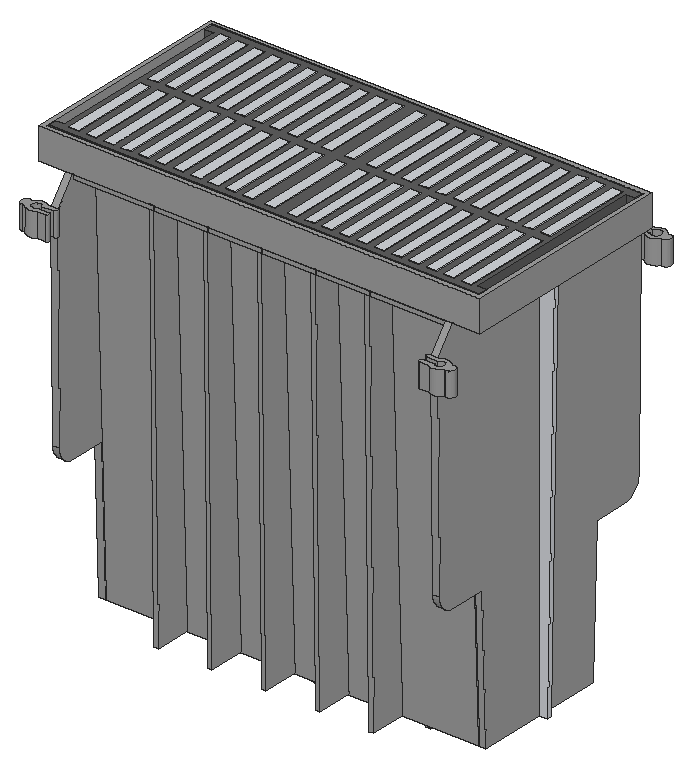
Revit family "Basin_Catch_12X24-Zurn-Z887-12", category Plumbing Fixtures, Revit 2022 (continued)
Types (7): name | Type Comments | Pipe Size_A End Outer Radius | Pipe Size_A End Outer Diameter | Pipe Size_A End Nominal Radius | Pipe Size_A End Nominal Diameter | Pipe Size_A End Inside Radius | Pipe Size_A End Inside Diameter | Pipe Size_A Bottom Outer Radius | Pipe Size_A Bottom Outer Diameter | Pipe Size_A Bottom Nominal Radius | Pipe Size_A Bottom Nominal Diameter | Pipe Size_A Bottom Inside Radius | Pipe Size_A Bottom Inside Diameter | End Outlet | Bottom Outlet
  (no name) | "Z887-12 With 3 Inch No Hub Bottom Outlet" | 1.750" | 3.500" | 1.500" | 3.000" | 1.534" | 3.068" | 1.750" | 3.500" | 1.500" | 3.000" | 1.534" | 3.068" | no | yes
  Z887-12 With 3 Inch No Hub End Outlet | "Z887-12 With 3 Inch No Hub End Outlet" | 1.750" | 3.500" | 1.500" | 3.000" | 1.534" | 3.068" | 1.750" | 3.500" | 1.500" | 3.000" | 1.534" | 3.068" | yes | no
  Z887-12 With 4 Inch No Hub End Outlet | "Z887-12  With 4 Inch No Hub End Outlet" | 2.250" | 4.500" | 2.000" | 4.000" | 2.013" | 4.026" | 2.250" | 4.500" | 2.000" | 4.000" | 2.013" | 4.026" | yes | no
  Z887-12 With 6 Inch No Hub End Outlet | "Z887-12 With 6 Inch No Hub End Outlet" | 3.3125" | 6.625" | 3.000" | 6.000" | 3.0325" | 6.065" | 3.3125" | 6.625" | 3.000" | 6.000" | 3.0325" | 6.065" | yes | no
  Z887-12 With 6 Inch No Hub Bottom Outlet | "Z887-12 With 6 Inch No Hub Bottom Outlet" | 3.3125" | 6.625" | 3.000" | 6.000" | 3.0325" | 6.065" | 3.3125" | 6.625" | 3.000" | 6.000" | 3.0325" | 6.065" | no | yes
  Z887-12 With 4 Inch No Hub Bottom Outlet | "Z887-12 With 4 Inch No Hub Bottom Outlet" | 2.250" | 4.500" | 2.000" | 4.000" | 2.013" | 4.026" | 2.250" | 4.500" | 2.000" | 4.000" | 2.013" | 4.026" | no | yes
  Z887-12 With 3 Inch No Hub Bottom Outlet | "Z887-12 With 3 Inch No Hub Bottom Outlet" | 1.750" | 3.500" | 1.500" | 3.000" | 1.534" | 3.068" | 1.750" | 3.500" | 1.500" | 3.000" | 1.534" | 3.068" | no | yes
